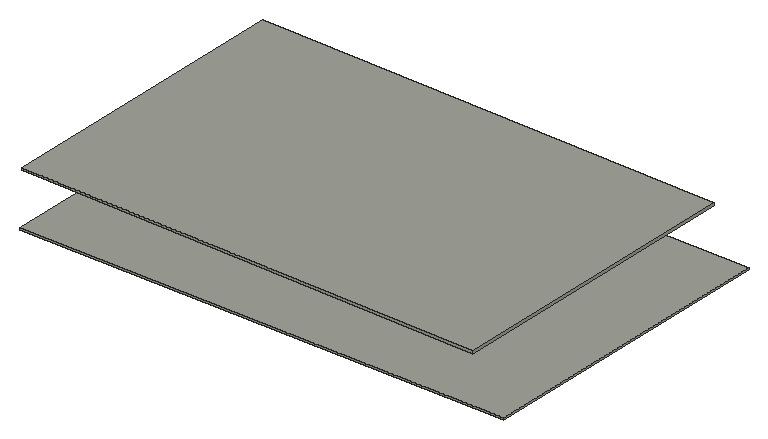
Revit family "CT_Bl_Lj_Dupla", category Structural Framing, Revit 2025
Family settings
  Structural Framing Length Roundoff = 0.000 m
  Section Shape = Not Defined
  Material for Model Behavior = Other
  Always export as geometry = No
  OmniClass Number = 23.25.30.11.14.14
  OmniClass Title = Beams
  Always vertical = Yes
  Cut with Voids When Loaded = Yes
  Symbolic Representation = From Family
  Shared = No
  Show family pre-cut in plan views = Yes
Parameters (values of type "LAJ_012x130_BLC_CON_DUP_COB")
  Structural Material [instance] = CT_Concreto
  Material_Laje_Superior = CT_Concreto
  Material_Laje_Inferior = CT_Concreto
  H2 [instance] = 1.140 m
  Comprimento_Modulo_Superior [instance] = 7.380 m
  Comprimento_Modulo_Inferior [instance] = 7.500 m
  Assembly Code = ""
  Length [instance] = 11.920 m
  b = 0.120 m
  h = 1.300 m
Reference planes (m)
  plane 1 "Center (Front/Back)": y = 0
  plane 2: z = 0
  plane 3 "Center (Left/Right)": x = 5.20261
  plane 4: y = 0.06
  plane 5: y = -0.06
  plane 6: z = 1.3
  plane 7 "Left": x = -0.75739
  plane 8 "Right": x = 11.16261
  plane 9: z = 1.14
  plane 10: y = 7.5
  plane 11: y = 7.44
Forms (m)
  Extrusion 1, solid, material "CT_Concreto" <- "Material_Laje_Superior"
    sketch origin (0, 0, 0) x (1, 0, 0) y (0, 0, -1)
      loop
        line (10.32761, -1.091203) -> (-0.70739, -1.239323) -> (-0.70739, -1.299329) -> (10.32761, -1.151208) -> (10.32761, -1.091203)
    from 0.06 to 7.44
  Extrusion 2, solid, material "CT_Concreto" <- "Material_Laje_Inferior"
    sketch origin (0.205, 0, -0.541) x (1, 0, 0) y (0, 0, -1)
      loop
        line (-0.91239, -0.54) -> (10.92261, -0.54) -> (10.92261, -0.49) -> (-0.91239, -0.49) -> (-0.91239, -0.54)
    from 0 to 7.5
Dimensions and locks (m)
  "b": plane 4 to plane 5
  plane 2 to plane 6 = 1.300 m
  equal spacing: plane 4, plane 1 "Center (Front/Back)", plane 5
  "Length": plane 7 "Left" to plane 8 "Right"
  plane 7 "Left" to plane 8 "Right" = 11.920 m
  equal spacing: plane 7 "Left", plane 3 "Center (Left/Right)", plane 8 "Right"
  "h": plane 6 to plane 2
  "H2": plane 9 to level
  Extrusion 1 to Extrusion 2 = 7.440 m
  "Comprimento_Modulo_Inferior": plane 1 "Center (Front/Back)" to plane 10
  "Comprimento_Modulo_Superior": plane 4 to plane 11
  aligned and locked: Extrusion 1 to Extrusion 2
  aligned and locked: plane 10 to Extrusion 2
  aligned and locked: plane 1 "Center (Front/Back)" to Extrusion 2
  aligned and locked: Extrusion 1 to plane 4
  aligned and locked: plane 11 to Extrusion 1
Automatic sketch dimensions
  Extrusion 1 sketch curve to plane 7 "Left" = 0.050 m
  Extrusion 1 sketch curve to plane 9 = 0.011208 m
  plane 8 "Right" to Extrusion 1 sketch curve = 0.835 m
  plane 6 to Extrusion 1 sketch curve = 0.060677 m
  plane 6 to Extrusion 1 sketch curve = 0.000671 m
  plane 9 to Extrusion 1 sketch curve = 0.048797 m
  Extrusion 2 sketch curve to level = 0.051 m
  plane 8 "Right" to Extrusion 2 sketch curve = 11.870 m
  plane 8 "Right" to Extrusion 2 sketch curve = 0.035 m
  Extrusion 2 sketch curve to Extrusion 2 sketch curve = 0.050 m
